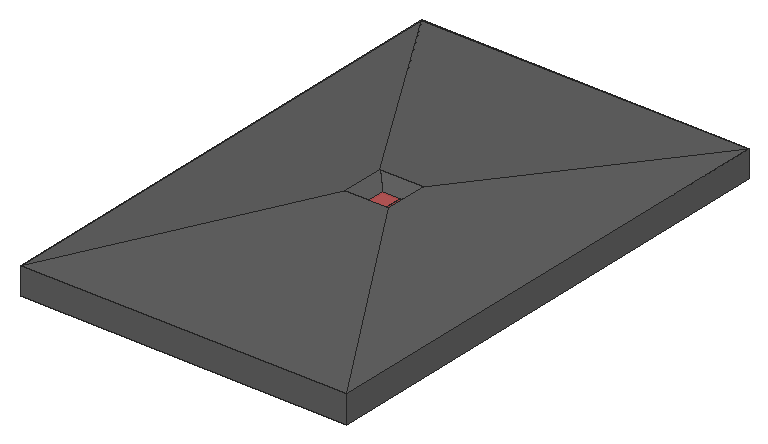
Revit family "Proximity Reader_P-500_Farpointe_R16", category Security Devices, host Face, Revit 2016
Family settings
  Host = Face
  Maintain Annotation Orientation = No
  Part Type = Normal
  Round Connector Dimension = Use Diameter
  Cut with Voids When Loaded = No
  Shared = No
  Room Calculation Point = No
Parameters
  Width = 3"
  URL - Quick Start Guides [instance] = "http://farpointedata.com/downloads/qsg_and_ref/ProximityReaders_QSG.pdf"
  URL - Mounting Guides Letter Size [instance] = "http://farpointedata.com/downloads/mounting_guides/MountingGuide_P500_Ltr.pdf"
  URL - Mounting Guides A4 Size [instance] = "http://farpointedata.com/downloads/mounting_guides/MountingGuide_P500_A4.pdf"
  URL - Data Sheets [instance] = "http://farpointedata.com/downloads/datasheets/P500_TDS.pdf"
  URL - Bid Specifications [instance] = "http://farpointedata.com/downloads/bid_specs/Farpointe_Pyramid_Specification.docx"
  URL = "http://www.farpointedata.com/"
  Modeled By [instance] = "www.commensestudio.com"
  Model = "P-500 Proximity Reader"  # constant formula
  Manufacturer = "Farpointe Data"  # constant formula
  LED [instance] = LED
  Height = 4.6"
  Description = "Single-Gang Wall Switch Box"  # constant formula
  Depth = 0.4"
  Default Elevation = 48"
  Cover [instance] = Cover
Reference planes (in)
  plane 1 "Center (Front/Back)": y = 0
  plane 2: z = 0
  plane 3 "Center (Left/Right)": x = 0
  plane 4: x = -1.5
  plane 5: x = 1.5
  plane 6: y = 2.3
  plane 7: y = -2.3
  plane 8: z = 0.4
Forms (in)
  Extrusion 1, solid, material "Cover" <- "Cover"
    sketch origin (0, 0, 0) x (1, 0, 0) y (0, 1, 0)
      loop
        line (-1.5, -2.3) -> (1.5, -2.3) -> (1.5, 2.3) -> (-1.5, 2.3) -> (-1.5, -2.3)
    from 0 to 0.25
  Blend 2, solid, material "Cover" <- "Cover"
    base sketch origin (0, 0, 0) x (1, 0, 0) y (0, 1, 0)
      loop
        line (-1.5, 2.3) -> (-1.5, -2.3) -> (1.5, -2.3) -> (1.5, 2.3) -> (-1.5, 2.3)
    top sketch origin (0, 0, 0) x (1, 0, 0) y (0, 1, 0)
      loop
        line (-0.19907, -0.19907) -> (0.19907, -0.19907) -> (0.19907, 0.19907) -> (-0.19907, 0.19907) -> (-0.19907, -0.19907)
    from 0.25 to 0.4
  Extrusion 3, solid, material "LED" <- "LED"
    sketch origin (0, 0, -0.3) x (1, 0, 0) y (0, 1, 0)
      loop
        line (0.085, -0.085) -> (0.085, 0.085) -> (-0.085, 0.085) -> (-0.085, -0.085) -> (0.085, -0.085)
    from 0.55 to 0.61
  Blend 4, void
    base sketch origin (0, 0, -0.3) x (1, 0, 0) y (0, 1, 0)
      loop
        line (-0.085, 0.085) -> (-0.085, -0.085) -> (0.085, -0.085) -> (0.085, 0.085) -> (-0.085, 0.085)
    top sketch origin (0, 0, -0.3) x (1, 0, 0) y (0, 1, 0)
      loop
        line (-0.19907, 0.19907) -> (-0.19907, -0.19907) -> (0.19907, -0.19907) -> (0.19907, 0.19907) -> (-0.19907, 0.19907)
    from 0.6 to 0.7
Cuts and joins
  Blend 4 cuts Blend 2
Dimensions and locks (in)
  equal spacing: plane 7, plane 1 "Center (Front/Back)", plane 6
  equal spacing: plane 4, plane 3 "Center (Left/Right)", plane 5
  "Height": plane 7 to plane 6
  "Width": plane 4 to plane 5
  "Depth": plane 8 to level
  aligned and locked: plane 2 to host face
  aligned and locked: level to host face
Automatic sketch dimensions
  host sketch curve to host sketch curve = 96"  (x2)
  Extrusion 1 sketch curve to plane 4 = 0"
  Extrusion 1 sketch curve to plane 5 = 0"
  plane 7 to Extrusion 1 sketch curve = 0"
  plane 6 to Extrusion 1 sketch curve = 0"
  Blend 2 sketch curve to plane 4 = 0"
  Blend 2 sketch curve to plane 5 = 0"
  plane 7 to Blend 2 sketch curve = 0"
  plane 6 to Blend 2 sketch curve = 0"
  Blend 2 sketch curve to plane 3 "Center (Left/Right)" = 0.19907"
  plane 3 "Center (Left/Right)" to Blend 2 sketch curve = 0.19907"
  plane 1 "Center (Front/Back)" to Blend 2 sketch curve = 0.19907"
  Blend 2 sketch curve to plane 1 "Center (Front/Back)" = 0.19907"
  Extrusion 3 sketch curve to plane 3 "Center (Left/Right)" = 0.085"
  plane 3 "Center (Left/Right)" to Extrusion 3 sketch curve = 0.085"
  plane 1 "Center (Front/Back)" to Extrusion 3 sketch curve = 0.085"
  Extrusion 3 sketch curve to plane 1 "Center (Front/Back)" = 0.085"
  Blend 4 sketch curve to plane 3 "Center (Left/Right)" = 0.085"
  plane 3 "Center (Left/Right)" to Blend 4 sketch curve = 0.085"
  plane 1 "Center (Front/Back)" to Blend 4 sketch curve = 0.085"
  Blend 4 sketch curve to plane 1 "Center (Front/Back)" = 0.085"
  Blend 4 sketch curve to plane 3 "Center (Left/Right)" = 0.19907"
  plane 3 "Center (Left/Right)" to Blend 4 sketch curve = 0.19907"
  plane 1 "Center (Front/Back)" to Blend 4 sketch curve = 0.19907"
  Blend 4 sketch curve to plane 1 "Center (Front/Back)" = 0.19907"
Connectors (in)
  electrical at (0, 0, 0)
    settings: index 3, voltage 0 V, apparent load 0 VA, apparent load phase1 0 VA, apparent load phase2 0 VA, apparent load phase3 0 VA, power factor 1, load classification "Other", number of poles 1, system type 10, power factor state 1, is connector primary yes, connector utility no, sub classification motor no, connector description ""
